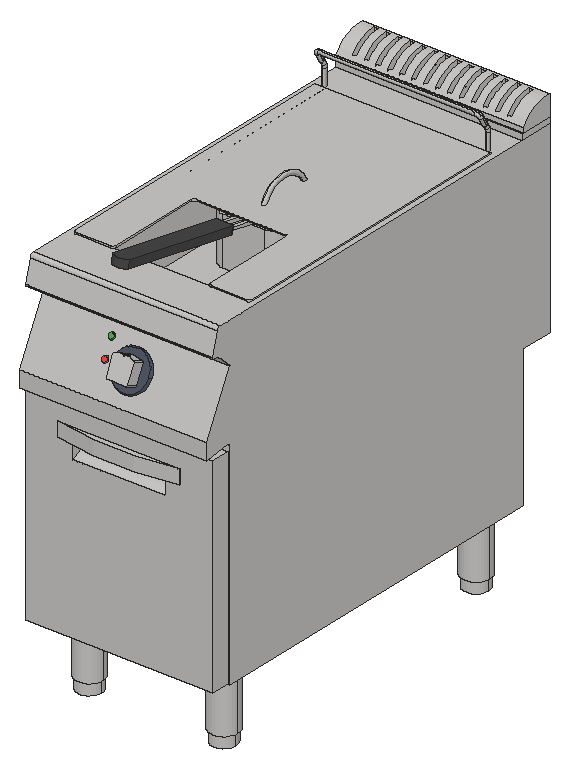
Revit family "QF_ZANUSSI_392087_Z9FRED1GF0", category Specialty Equipment, Revit 2018
Family settings
  Round Connector Dimension = Use Diameter
  Part Type = Normal
  Work Plane-Based = No
  Always vertical = Yes
  Cut with Voids When Loaded = No
  Shared = No
  Room Calculation Point = No
Parameters
  Width = 400 mm  # constant formula
  Weight in Pounds = 50  # constant formula
  Weight = 0.00 kg
  Watts = 10000 W  # constant formula
  Volts = 400 V  # constant formula
  URL Manufacturer = "http://www.zanussiprofessional.com"
  URL Cutsheet = "www.electrolux.com/foodservice"
  URL = "http://www.zanussiprofessional.com"
  Type Mark [instance] = ""
  Steam Supply Size = 0"
  Steam Supply Minimum Pressure = 0.00 psi
  Steam Supply Maximum Pressure = 0.00 psi
  Steam Pounds per Hour = 0
  Status [instance] = ""
  Specification by User [instance] = ""
  Specification by Manufacturer = ""
  Show Logo [instance] = yes
  Show Clearance [instance] = yes
  Serial Number = ""
  Seismic Rating = ""
  SMACNA No = ""
  Revision Code [instance] = ""
  Refrigeration Suction Line Size = 0"
  Refrigeration Liquid Line Size = 0"
  Refrigerant Compressor Remote = yes
  Phase = 3
  Omniclass Number and Title = ""
  Number of Poles [instance] = 1
  NAFEM Spec ID Number = ""
  Model = "Z9FRED1GF0"
  Min Ckt Ampacity = 0 A
  Max Overcurrent Protection = 0 A
  Masterspec = ""
  Manufacturer = "Zanussi"
  Length Actual = 400 mm  # constant formula
  Item Number [instance] = "392087"
  Installed By [instance] = ""
  Identify Quantity as Lot [instance] = yes
  Hot Water Size = 0"
  Height Actual = 850 mm  # constant formula
  Height = 850 mm  # constant formula
  HP = "13.4 HP"
  Gas Size = 0"
  Gas KW = 0
  Gas Input = 0.0 Btu/h
  Furnished By [instance] = ""
  Foodservice Equipment Identifier [instance] = yes
  FL Amps = if(Phase = 3, Watts / (Volts * 1.73), Watts / Volts)  # 14.4509 A
  Electrical Remarks [instance] = "400 V/3N ph/50/60 Hz"  # constant formula
  Electric Connection Type [instance] = ""
  Elec Conn RI Height [instance] = 0 mm
  Elec Conn Connection Height [instance] = 0 mm
  Direct Waste Size = 0"
  Description = "15LT EL.FRYER-1 WELL+1 BASKET"
  Depth Actual = 900 mm  # constant formula
  Depth = 915 mm  # constant formula
  Cycle [instance] = if([60 Hertz Option], 60 Hz, 50 Hz)  # 60 Hz
  Conn Plug = ""
  Conn Conduit = yes
  Condensate Return Size = 0"
  Compressed Air Volume = 0 GPM
  Compressed Air Size = 0"
  Compressed Air Pressure = 0.00 psi
  Cold Water Size = 0"
  CSI MasterFormat = ""
  CSI Master Format = ""
  Base Height [instance] = 150 mm  # constant formula
  Apparent Power = if(Phase = 3, Volts * FL Amps * 1.73, Volts * FL Amps)  # 10000 VA
  Accessory = yes
  60 Hertz Option [instance] = not([50 Hertz Option])  # yes
  50 Hertz Option [instance] = no
Reference planes
  plane 1 "BACK": y = 0
  plane 2: z = 0
  plane 3 "LEFT": x = 0
  plane 4 "RIGHT": x = 400
  plane 5 "FRONT": y = -915
  plane 6 "TOP": z = 908
  plane 7 "Center Y": x = 200
  plane 8 "Center X": y = -457.5
  plane 9 "BASE": z = 600
  plane 10 "TOP A": z = 850
  plane 11: z = 150
  plane 12: y = -126
  plane 13: y = -800
  plane 14: x = 344
  plane 15: x = 56
  plane 16: x = 344
  plane 17: y = -650
  plane 18: z = 920
  plane 19: z = 930
  plane 20: y = -1273
  plane 21: x = 355
  plane 22: y = -1455
Forms (mm)
  Extrusion 1, solid, material "QF_Finishes_Stainless Steel"
    sketch origin (0, 0, 0) x (0, 1, 0) y (0, 0, 1)
      loop
        line (0, 450.038) -> (0, 850) -> (-879.358, 850)
        arc (-879.358, 850) -> (-884.643, 847.811) -> (-886.833, 842.526) r 7.474
        line (-886.833, 842.526) -> (-899.884, 797.011)
        arc (-899.884, 797.011) -> (-899.396, 794.379) -> (-897, 793.184) r 3
        line (-897, 793.184) -> (-886.802, 793.184) -> (-854.982, 761.364) -> (-915, 640.508) -> (-915, 605.508) -> (-858.645, 613.428)
        arc (-858.645, 613.428) -> (-856.101, 612.674) -> (-855, 610.259) r 3.2
        line (-855, 610.259) -> (-855, 150) -> (-71.437, 150) -> (-71.437, 450.038) -> (0, 450.038)
      loop
        line (-900, 600) -> (-900, 155) -> (-860, 155) -> (-860, 600) -> (-900, 600)
    from 0 to 400
  Extrusion 2, void
    sketch origin (0, 0, 850) x (-1, 0, 0) y (0, -1, 0)
      loop
        line (-33.338, 141.304) -> (-33.338, 787.143) -> (-366.662, 787.143) -> (-366.662, 141.304) -> (-33.338, 141.304)
    from 0 to -152.4
  Extrusion 3, solid, material "QF_Finishes_Stainless Steel"
    sketch origin (0, 0, 850) x (-1, 0, 0) y (0, -1, 0)
      loop
        arc (-11.548, 780.793) -> (-13.408, 785.283) -> (-17.898, 787.143) r 6.35
        line (-17.898, 787.143) -> (-90.863, 787.143)
        arc (-90.863, 787.143) -> (-95.353, 785.283) -> (-97.213, 780.793) r 6.35
        line (-97.213, 780.793) -> (-97.213, 579.046)
        arc (-97.213, 579.046) -> (-99.072, 574.555) -> (-103.563, 572.696) r 6.35
        line (-103.563, 572.696) -> (-293.937, 572.696)
        arc (-293.937, 572.696) -> (-298.428, 574.555) -> (-300.287, 579.046) r 6.35
        line (-300.287, 579.046) -> (-300.287, 780.818)
        arc (-300.287, 780.818) -> (-302.14, 785.291) -> (-306.613, 787.143) r 6.325
        line (-306.613, 787.143) -> (-382.102, 787.143)
        arc (-382.102, 787.143) -> (-386.592, 785.283) -> (-388.452, 780.793) r 6.35
        line (-388.452, 780.793) -> (-388.452, 141.304) -> (-11.548, 141.304) -> (-11.548, 780.793)
    from 0 to 2.574
  Sweep 4, solid, material "QF_Finishes_Stainless Steel"
    path origin (200, 10.469, 0) x (0, 1, 0) y (0, 0, 1)
      loop
        arc (-415.761, 850) -> (-470.2, 883.779) -> (-524.639, 850) r 60.757
    profile origin (200, -459.731, 883.779) x (0, 0, -1) y (1, 0, 0)
      loop
        circle (0, 0) r 4.353
  Extrusion 5, solid, material "QF_Clearances", visible <- "Show Clearance", detail levels coarse
    sketch origin (0, 0, 0) x (1, 0, 0) y (0, 1, 0)
      loop
        line (0, -915) -> (0, 0) -> (400, 0) -> (400, -915) -> (550.019, -915) -> (550.019, 150.019) -> (-150.019, 150.019) -> (-150.019, -915) -> (0, -915)
    from 0 to 908
  Revolve 6, solid, material "QF_Finishes_Stainless Steel"
    sketch origin (0, -126, 608.09) x (0, 0, 1) y (-1, 0, 0)
      loop
        line (-608.09, -56) -> (-458.09, -56) -> (-458.09, -26) -> (-583.09, -26) -> (-583.09, -29.75) -> (-608.09, -29.75) -> (-608.09, -56)
      axis (-608.09, -56) -> (-458.09, -56)
    angle from 0 to 360
  Revolve 7, solid, material "QF_Finishes_Stainless Steel"
    sketch origin (400.05, -126, 608.09) x (0, 0, 1) y (-1, 0, 0)
      loop
        line (-608.09, 56.05) -> (-608.09, 29.8) -> (-583.09, 29.8) -> (-583.09, 26.05) -> (-458.09, 26.05) -> (-458.09, 56.05) -> (-608.09, 56.05)
      axis (-608.09, 56.05) -> (-458.09, 56.05)
    angle from 0 to 360
  Revolve 8, solid, material "QF_Finishes_Stainless Steel"
    sketch origin (400.05, -800, 608.09) x (0, 0, 1) y (-1, 0, 0)
      loop
        line (-608.09, 56.05) -> (-608.09, 29.8) -> (-583.09, 29.8) -> (-583.09, 26.05) -> (-458.09, 26.05) -> (-458.09, 56.05) -> (-608.09, 56.05)
      axis (-608.09, 56.05) -> (-458.09, 56.05)
    angle from 0 to 360
  Extrusion 9, solid, material "QF_Finishes_Stainless Steel"
    sketch origin (200, 0, 0) x (0, 1, 0) y (0, 0, 1)
      loop
        line (-71.89, 862.9) -> (-71.89, 850) -> (0, 850) -> (0, 862.9) -> (-71.89, 862.9)
    from -200 to 200
  Revolve 10, solid, material "QF_Finishes_Stainless Steel"
    sketch origin (0, -800, 608.09) x (0, 0, 1) y (1, 0, 0)
      loop
        line (-608.09, 56) -> (-608.09, 29.75) -> (-583.09, 29.75) -> (-583.09, 26) -> (-458.09, 26) -> (-458.09, 56) -> (-608.09, 56)
      axis (-608.09, 56) -> (-458.09, 56)
    angle from 0 to 360
  Extrusion 11, solid, material "QF_Finishes_Mesh"
    sketch origin (74.995, -64.779, 844.25) x (-1, 0, 0) y (0, -1, 0)
      loop
        arc (-76.6, 120.481) -> (-58.64, 127.92) -> (-51.2, 145.881) r 25.4
        line (-51.2, 145.881) -> (-51.2, 473.61)
        arc (-51.2, 473.61) -> (-58.64, 491.571) -> (-76.6, 499.01) r 25.4
        line (-76.6, 499.01) -> (-166.875, 499.01)
        arc (-166.875, 499.01) -> (-184.836, 491.571) -> (-192.275, 473.61) r 25.4
        line (-192.275, 473.61) -> (-192.275, 145.881)
        arc (-192.275, 145.881) -> (-184.836, 127.92) -> (-166.875, 120.481) r 25.4
        line (-166.875, 120.481) -> (-76.6, 120.481)
      loop
        arc (-76.6, 123.656) -> (-60.885, 130.165) -> (-54.375, 145.881) r 22.225
        line (-54.375, 145.881) -> (-54.375, 473.61)
        arc (-54.375, 473.61) -> (-60.885, 489.326) -> (-76.6, 495.835) r 22.225
        line (-76.6, 495.835) -> (-166.875, 495.835)
        arc (-166.875, 495.835) -> (-182.591, 489.326) -> (-189.1, 473.61) r 22.225
        line (-189.1, 473.61) -> (-189.1, 145.881)
        arc (-189.1, 145.881) -> (-182.591, 130.165) -> (-166.875, 123.656) r 22.225
        line (-166.875, 123.656) -> (-76.6, 123.656)
    from -109 to -5.315
  Extrusion 12, solid, material "QF_Finishes_Stainless Steel"
    sketch origin (0, 0, 574.263) x (0, 1, 0) y (0, 0, 1)
      loop
        line (0, 288.637) -> (0, 333.738)
        arc (0, 333.738) -> (-39.584, 325.765) -> (-69.85, 299.037) r 77.853
        line (-69.85, 299.037) -> (-69.85, 288.637) -> (0, 288.637)
    from 0 to 400
  Extrusion 13, void
    sketch origin (0, 0, 848.9) x (0, -1, 0) y (1, 0, 0)
      loop
        line (6.761, 29.703) -> (63.911, 29.703) -> (63.911, 38.999) -> (6.761, 38.999) -> (6.761, 29.703)
      loop
        line (63.911, 64.487) -> (6.761, 64.487) -> (6.761, 55.191) -> (63.911, 55.191) -> (63.911, 64.487)
      loop
        line (63.911, 89.975) -> (6.761, 89.975) -> (6.761, 80.68) -> (63.911, 80.68) -> (63.911, 89.975)
      loop
        line (63.911, 115.464) -> (6.761, 115.464) -> (6.761, 106.168) -> (63.911, 106.168) -> (63.911, 115.464)
      loop
        line (63.911, 140.952) -> (6.761, 140.952) -> (6.761, 131.656) -> (63.911, 131.656) -> (63.911, 140.952)
      loop
        line (63.911, 166.44) -> (6.761, 166.44) -> (6.761, 157.145) -> (63.911, 157.145) -> (63.911, 166.44)
      loop
        line (63.911, 191.929) -> (6.761, 191.929) -> (6.761, 182.633) -> (63.911, 182.633) -> (63.911, 191.929)
      loop
        line (63.911, 217.417) -> (6.761, 217.417) -> (6.761, 208.121) -> (63.911, 208.121) -> (63.911, 217.417)
      loop
        line (63.911, 242.905) -> (6.761, 242.905) -> (6.761, 233.61) -> (63.911, 233.61) -> (63.911, 242.905)
      loop
        line (63.911, 268.394) -> (6.761, 268.394) -> (6.761, 259.098) -> (63.911, 259.098) -> (63.911, 268.394)
      loop
        line (63.911, 293.882) -> (6.761, 293.882) -> (6.761, 284.586) -> (63.911, 284.586) -> (63.911, 293.882)
      loop
        line (63.911, 319.37) -> (6.761, 319.37) -> (6.761, 310.075) -> (63.911, 310.075) -> (63.911, 319.37)
      loop
        line (63.911, 344.859) -> (6.761, 344.859) -> (6.761, 335.563) -> (63.911, 335.563) -> (63.911, 344.859)
      loop
        line (63.911, 370.347) -> (6.761, 370.347) -> (6.761, 361.051) -> (63.911, 361.051) -> (63.911, 370.347)
    from 25.4 to 63.5
  Sweep 14, solid, material "QF_Finishes_Stainless Steel"
    path origin (0, 0, 0) x (0, 1, 0) y (0, 0, 1)
      loop
        line (-133.218, 850) -> (-133.218, 886.76)
        arc (-133.218, 886.76) -> (-133.779, 891.022) -> (-135.424, 894.993) r 16.466
        line (-135.424, 894.993) -> (-140.718, 904.162)
    profile origin (0, -133.218, 868.38) x (0, -1, 0) y (1, 0, 0)
      loop
        circle (0.001, 25.269) r 3.999
      loop
        circle (0.001, 374.731) r 3.999
  Sweep 15, solid, material "QF_Finishes_Stainless Steel"
    path origin (0, -68.628, 777.297) x (-1, 0, 0) y (0, -0.5, 0.866025)
      loop
        line (-374.731, 144.182) -> (-374.731, 165.819)
        arc (-374.731, 165.819) -> (-372.68, 170.768) -> (-367.731, 172.819) r 7
        line (-367.731, 172.819) -> (-32.269, 172.819)
        arc (-32.269, 172.819) -> (-27.32, 170.768) -> (-25.269, 165.819) r 7
        line (-25.269, 165.819) -> (-25.269, 144.182)
    profile origin (374.731, -146.128, 911.531) x (1, 0, 0) y (0, 0.866025, 0.5)
      loop
        circle (0, 0) r 4
  Extrusion 16, solid, material "QF_Finishes_Stainless Steel"
    sketch origin (0, 65, 150) x (-1, 0, 0) y (0, 1, 0)
      loop
        circle (-355, -715) r 6.35
    from -42.288 to -11.979
  Extrusion 17, solid, material "QF_Clearances", visible <- "Show Clearance", detail levels coarse
    sketch origin (0, 0, 850) x (-1, 0, 0) y (0, -1, 0)
      loop
        line (-80, 885) -> (-80, 1455) -> (-320, 1455) -> (-320, 885) -> (-80, 885)
    from -695 to -250
  Extrusion 18, solid, material "QF_Finishes_Door Clearance", visible <- "Show Clearance", detail levels coarse
    sketch origin (0, -200, 850) x (-1, 0, 0) y (0, -1, 0)
      loop
        line (-400, 1071.999) -> (-400, 672.137) -> (-0.138, 672.137)
        arc (-0.138, 672.137) -> (-117.295, 954.842) -> (-400, 1071.999) r 400
    from -695 to -250
  Extrusion 19, solid, material "QF_Finishes_Stainless Steel"
    sketch origin (-77.88, -4772, 130) x (-1, 0, 0) y (0, -1, 0)
      loop
        arc (-147.606, -3871.085) -> (-277.88, -3857) -> (-408.153, -3871.085) r 609.497
        line (-408.153, -3871.085) -> (-408.153, -3872) -> (-147.606, -3872) -> (-147.606, -3871.085)
    from 400 to 430
  Extrusion 20, void
    sketch origin (200, -227.863, -20) x (0, 1, 0) y (0, 0, 1)
      loop
        line (-672.137, 567) -> (-672.137, 517)
        arc (-672.137, 517) -> (-656.47, 524.721) -> (-650.137, 541) r 24.091
        line (-650.137, 541) -> (-650.137, 567) -> (-672.137, 567)
    from -100 to 100
  Blend 21, solid, material "QF_Finishes_Navy Blue"
    base sketch origin (215, -884.991, 700.936) x (1, 0, 0) y (0, 0.444781, 0.895639)
      loop
        circle (0, 0) r 42.5
    top sketch origin (215, -884.991, 700.936) x (1, 0, 0) y (0, 0.444781, 0.895639)
      loop
        circle (0, 0) r 40.5
    from 0 to 5
  Extrusion 22, solid, material "QF_Finishes_Stainless Steel"
    sketch origin (-17.5, -884.991, 700.936) x (1, 0, 0) y (0, 0.444781, 0.895639)
      loop
        arc (211.353, 22.789) -> (210.006, 21.685) -> (209.5, 20.019) r 2.997
        line (209.5, 20.019) -> (209.5, -20.019)
        arc (209.5, -20.019) -> (210.378, -22.138) -> (212.497, -23.016) r 2.997
        line (212.497, -23.016) -> (252.503, -23.016)
        arc (252.503, -23.016) -> (254.622, -22.138) -> (255.5, -20.019) r 2.997
        line (255.5, -20.019) -> (255.5, 20.019)
        arc (255.5, 20.019) -> (254.994, 21.685) -> (253.647, 22.789) r 2.997
        arc (253.647, 22.789) -> (232.5, 26.984) -> (211.353, 22.789) r 55.4
    from 10 to 34
  Extrusion 23, solid, material "QF_Plastic-Black-Matte"
    sketch origin (157.5, -884.991, 700.936) x (0, 0.444781, 0.895639) y (0, 0.895639, -0.444781)
      loop
        line (26.984, -34) -> (23.984, -34) -> (23.984, -35) -> (26.984, -35)
        arc (26.984, -35) -> (27.691, -34.707) -> (27.984, -34) r 1
        line (27.984, -34) -> (27.984, -19) -> (26.984, -19) -> (26.984, -34)
    from -58.5 to -56.5
  Extrusion 24, solid, material "QF_Finishes_Stainless Steel"
    sketch origin (215, -884.991, 700.936) x (-1, 0, 0) y (0, -0.444781, -0.895639)
      loop
        line (17.5, -17.5) -> (17.5, 17.5) -> (-17.5, 17.5) -> (-17.5, -17.5) -> (17.5, -17.5)
    from 5 to 10
  Extrusion 25, solid, material "QF_Finishes_Green"
    sketch origin (-242.5, -1029.045, 410.86) x (0, 0.444781, 0.895639) y (-1, 0, 0)
      loop
        circle (366.376, -400) r 6
    from 0 to 1.6
  Extrusion 26, solid, material "QF_Finishes_Red"
    sketch origin (-242.5, -1047.155, 374.393) x (0, 0.444781, 0.895639) y (-1, 0, 0)
      loop
        circle (366.376, -400) r 6
    from 0 to 1.6
  Extrusion 27, solid, material "QF_Finishes_Stainless Steel"
    sketch origin (265.933, 109.885, 107.43) x (0, 0.984808, 0.173648) y (0, -0.173648, 0.984808)
      loop
        line (-545.228, 740.809) -> (-527.301, 842.477) -> (-586.235, 865.45) -> (-588.541, 859.533) -> (-534.459, 838.452) -> (-551.481, 741.912) -> (-545.228, 740.809)
    from -80.476 to -74.619
  Extrusion 28, solid, material "QF_Finishes_Stainless Steel"
    sketch origin (134.058, 109.885, 107.43) x (0, 0.984808, 0.173648) y (0, 0.173648, -0.984808)
      loop
        line (-527.301, -842.477) -> (-545.228, -740.809) -> (-551.481, -741.912) -> (-534.459, -838.452) -> (-588.541, -859.533) -> (-586.235, -865.45) -> (-527.301, -842.477)
    from -80.476 to -74.619
  Extrusion 29, solid, material "QF_Finishes_Black"
    sketch origin (134.004, -830.695, 905.392) x (0, 0.980628, -0.195878) y (-1, 0, 0)
      loop
        arc (-64.349, -47.345) -> (-74.576, -65.962) -> (-64.349, -84.58) r 22.059
        line (-64.349, -84.58) -> (214.638, -84.58)
        arc (214.638, -84.58) -> (217.113, -83.554) -> (218.138, -81.08) r 3.5
        line (218.138, -81.08) -> (218.138, -50.854)
        arc (218.138, -50.854) -> (217.11, -48.372) -> (214.629, -47.345) r 3.509
        line (214.629, -47.345) -> (-64.349, -47.345)
    from -15.884 to 0
Cuts and joins
  Extrusion 2, Extrusion 20 cuts Extrusion 1
  joined: Extrusion 3, Sweep 4, Extrusion 9
  Extrusion 13 cuts Extrusion 12
Lines and regions (mm)
  Split face 1
    outline origin (215, -889.469, 703.16) x (1, 0, 0) y (0, 0.444781, 0.895639)
      loop
        circle (0, 33) r 1
  Split face 2
    outline origin (215, -889.469, 703.16) x (1, 0, 0) y (0, 0.444781, 0.895639)
      loop
        circle (-33, 0) r 1
  Split face 3
    outline origin (215, -889.469, 703.16) x (-1, 0, 0) y (0, 0.444781, 0.895639)
      loop
        circle (31.876, -8.541) r 1
  Split face 4
    outline origin (215, -889.469, 703.16) x (-1, 0, 0) y (0, 0.444781, 0.895639)
      loop
        circle (28.579, -16.5) r 1
  Split face 5
    outline origin (215, -889.469, 703.16) x (-1, 0, 0) y (0, 0.444781, 0.895639)
      loop
        circle (23.335, -23.335) r 1
  Split face 6
    outline origin (215, -889.469, 703.16) x (-1, 0, 0) y (0, 0.444781, 0.895639)
      loop
        circle (16.5, -28.579) r 1
  Split face 7
    outline origin (215, -889.469, 703.16) x (-1, 0, 0) y (0, 0.444781, 0.895639)
      loop
        circle (8.541, -31.876) r 1
  Split face 8
    outline origin (215, -889.469, 703.16) x (1, 0, 0) y (0, -0.444781, -0.895639)
      loop
        circle (33, 0) r 1
  Split face 9
    outline origin (215, -889.469, 703.16) x (-1, 0, 0) y (0, -0.444781, -0.895639)
      loop
        circle (-8.541, 31.876) r 1
  Split face 10
    outline origin (215, -889.469, 703.16) x (-1, 0, 0) y (0, -0.444781, -0.895639)
      loop
        circle (-16.5, 28.579) r 1
  Split face 11
    outline origin (215, -889.469, 703.16) x (-1, 0, 0) y (0, -0.444781, -0.895639)
      loop
        circle (-23.335, 23.335) r 1
  Split face 12
    outline origin (215, -889.469, 703.16) x (-1, 0, 0) y (0, -0.444781, -0.895639)
      loop
        circle (-28.579, 16.5) r 1
  Split face 13
    outline origin (215, -889.469, 703.16) x (-1, 0, 0) y (0, -0.444781, -0.895639)
      loop
        circle (-31.876, 8.541) r 1
  Split face 14
    outline origin (215, -889.469, 703.16) x (1, 0, 0) y (0, 0.444781, 0.895639)
      loop
        circle (0, -33) r 1
  symbolic lines, style "QF_Clearances", visible <- "Show Clearance", detail levels coarse
    curve 1: line (-150.019, 150.019, 850) -> (-150.019, -915, 850)
    curve 2: line (550.019, 150.019, 850) -> (-150.019, 150.019, 850)
    curve 3: line (550.019, -915, 850) -> (550.019, 150.019, 850)
    curve 111: line (80, -1455, 850) -> (80, -915, 850)
    curve 112: line (80, -1455, 850) -> (320, -1455, 850)
    curve 113: line (320, -1455, 850) -> (320, -915, 850)
  symbolic lines
    curve 4: line (0, -915, 850) -> (0, 0, 850)
    curve 5: line (400, 0, 850) -> (400, -915, 850)
    curve 6: line (11.548, -141.304, 850) -> (11.548, -780.849, 850)
    curve 7: arc (11.548, -780.849, 850) -> (13.428, -785.386, 850) -> (17.965, -787.265, 850) r 6.416
    curve 8: line (17.965, -787.265, 850) -> (181.378, -787.265, 850)
    curve 9: arc (90.94, -787.265, 850) -> (95.375, -785.428, 850) -> (97.213, -780.993, 850) r 6.272
    curve 10: line (97.213, -780.993, 850) -> (97.213, -579.046, 850)
    curve 11: arc (97.213, -579.046, 850) -> (99.072, -574.555, 850) -> (103.563, -572.696, 850) r 6.35
    curve 12: line (103.563, -572.696, 850) -> (293.938, -572.696, 850)
    curve 13: arc (293.938, -572.696, 850) -> (298.428, -574.555, 850) -> (300.288, -579.046, 850) r 6.35
    curve 14: line (300.288, -579.046, 850) -> (300.288, -780.818, 850)
    curve 15: arc (300.287, -780.818, 850) -> (302.14, -785.291, 850) -> (306.613, -787.143, 850) r 6.325
    curve 16: arc (382.234, -787.143, 850) -> (386.63, -785.322, 850) -> (388.452, -780.925, 850) r 6.218
    curve 17: line (388.452, -780.925, 850) -> (388.452, -141.304, 850)
    curve 18: line (195.545, -513.12, 850) -> (195.545, -406.344, 850)
    curve 19: line (204.443, -406.344, 850) -> (204.443, -513.12, 850)
    curve 20: arc (195.545, -513.12, 850) -> (199.994, -517.569, 850) -> (204.443, -513.12, 850) r 4.449
    curve 21: arc (195.545, -406.344, 850) -> (199.994, -401.895, 850) -> (204.443, -406.344, 850) r 4.449
    curve 22: line (400, -915, 850) -> (238, -915, 850)
    curve 24: line (31.918, -151.038, 850) -> (368.082, -151.038, 850)
    curve 25: line (368.557, -159.052, 850) -> (31.443, -159.052, 850)
    curve 26: line (0, -71.89, 850) -> (400, -71.89, 850)
    curve 27: line (388.452, -141.304, 850) -> (378.73, -141.304, 850)
    curve 28: line (0, 0, 850) -> (400, 0, 850)
    curve 29: line (218.613, -896.863, 850) -> (218.613, -623.275, 850)
    curve 30: line (181.378, -623.284, 850) -> (181.378, -896.954, 850)
    curve 31: line (215.113, -619.894, 850) -> (184.887, -619.894, 850)
    curve 32: line (191.314, -572.696, 850) -> (191.314, -619.894, 850)
    curve 33: line (185.457, -619.894, 850) -> (185.457, -572.696, 850)
    curve 34: line (208.677, -619.894, 850) -> (208.677, -572.696, 850)
    curve 35: spline (184.887, -619.894, 850) -> (184.429, -619.923, 850) -> (183.979, -620.01, 850) -> (183.544, -620.152, 850) -> (183.133, -620.348, 850) -> (182.751, -620.595, 850) -> (182.406, -620.887, 850) -> (182.103, -621.22, 850) -> (181.848, -621.589, 850) -> (181.645, -621.987, 850) -> (181.498, -622.406, 850) -> (181.408, -622.841, 850) -> (181.378, -623.284, 850)
    curve 36: spline (218.613, -623.275, 850) -> (218.583, -622.834, 850) -> (218.494, -622.4, 850) -> (218.346, -621.981, 850) -> (218.144, -621.584, 850) -> (217.89, -621.217, 850) -> (217.588, -620.884, 850) -> (217.244, -620.593, 850) -> (216.863, -620.347, 850) -> (216.452, -620.151, 850) -> (216.019, -620.009, 850) -> (215.57, -619.923, 850) -> (215.113, -619.894, 850)
    curve 37: line (29.703, -6.761, 850) -> (38.999, -6.761, 850)
    curve 38: line (29.703, -63.911, 850) -> (29.703, -6.761, 850)
    curve 39: line (38.999, -63.911, 850) -> (29.703, -63.911, 850)
    curve 40: line (38.999, -6.761, 850) -> (38.999, -63.911, 850)
    curve 41: line (55.191, -6.761, 850) -> (64.487, -6.761, 850)
    curve 42: line (55.191, -63.911, 850) -> (55.191, -6.761, 850)
    curve 43: line (64.487, -63.911, 850) -> (55.191, -63.911, 850)
    curve 44: line (64.487, -6.761, 850) -> (64.487, -63.911, 850)
    curve 45: line (80.68, -6.761, 850) -> (89.975, -6.761, 850)
    curve 46: line (80.68, -63.911, 850) -> (80.68, -6.761, 850)
    curve 47: line (89.975, -63.911, 850) -> (80.68, -63.911, 850)
    curve 48: line (89.975, -6.761, 850) -> (89.975, -63.911, 850)
    curve 49: line (106.168, -6.761, 850) -> (115.464, -6.761, 850)
    curve 50: line (106.168, -63.911, 850) -> (106.168, -6.761, 850)
    curve 51: line (115.464, -63.911, 850) -> (106.168, -63.911, 850)
    curve 52: line (115.464, -6.761, 850) -> (115.464, -63.911, 850)
    curve 53: line (131.656, -6.761, 850) -> (140.952, -6.761, 850)
    curve 54: line (131.656, -63.911, 850) -> (131.656, -6.761, 850)
    curve 55: line (140.952, -63.911, 850) -> (131.656, -63.911, 850)
    curve 56: line (140.952, -6.761, 850) -> (140.952, -63.911, 850)
    curve 57: line (157.145, -6.761, 850) -> (166.44, -6.761, 850)
    curve 58: line (157.145, -63.911, 850) -> (157.145, -6.761, 850)
    curve 59: line (166.44, -63.911, 850) -> (157.145, -63.911, 850)
    curve 60: line (166.44, -6.761, 850) -> (166.44, -63.911, 850)
    curve 61: line (182.633, -6.761, 850) -> (191.929, -6.761, 850)
    curve 62: line (182.633, -63.911, 850) -> (182.633, -6.761, 850)
    curve 63: line (191.929, -63.911, 850) -> (182.633, -63.911, 850)
    curve 64: line (191.929, -6.761, 850) -> (191.929, -63.911, 850)
    curve 65: line (208.121, -6.761, 850) -> (217.417, -6.761, 850)
    curve 66: line (208.121, -63.911, 850) -> (208.121, -6.761, 850)
    curve 67: line (217.417, -63.911, 850) -> (208.121, -63.911, 850)
    curve 68: line (217.417, -6.761, 850) -> (217.417, -63.911, 850)
    curve 69: line (233.61, -6.761, 850) -> (242.905, -6.761, 850)
    curve 70: line (233.61, -63.911, 850) -> (233.61, -6.761, 850)
    curve 71: line (242.905, -63.911, 850) -> (233.61, -63.911, 850)
    curve 72: line (242.905, -6.761, 850) -> (242.905, -63.911, 850)
    curve 73: line (259.098, -6.761, 850) -> (268.394, -6.761, 850)
    curve 74: line (259.098, -63.911, 850) -> (259.098, -6.761, 850)
    curve 75: line (268.394, -63.911, 850) -> (259.098, -63.911, 850)
    curve 76: line (268.394, -6.761, 850) -> (268.394, -63.911, 850)
    curve 77: line (284.586, -6.761, 850) -> (293.882, -6.761, 850)
    curve 78: line (284.586, -63.911, 850) -> (284.586, -6.761, 850)
    curve 79: line (293.882, -63.911, 850) -> (284.586, -63.911, 850)
    curve 80: line (293.882, -6.761, 850) -> (293.882, -63.911, 850)
    curve 81: line (310.075, -6.761, 850) -> (319.37, -6.761, 850)
    curve 82: line (310.075, -63.911, 850) -> (310.075, -6.761, 850)
    curve 83: line (319.37, -63.911, 850) -> (310.075, -63.911, 850)
    curve 84: line (319.37, -6.761, 850) -> (319.37, -63.911, 850)
    curve 85: line (335.563, -6.761, 850) -> (344.859, -6.761, 850)
    curve 86: line (335.563, -63.911, 850) -> (335.563, -6.761, 850)
    curve 87: line (344.859, -63.911, 850) -> (335.563, -63.911, 850)
    curve 88: line (344.859, -6.761, 850) -> (344.859, -63.911, 850)
    curve 89: line (361.051, -6.761, 850) -> (370.347, -6.761, 850)
    curve 90: line (361.051, -63.911, 850) -> (361.051, -6.761, 850)
    curve 91: line (370.347, -63.911, 850) -> (361.051, -63.911, 850)
    curve 92: line (370.347, -6.761, 850) -> (370.347, -63.911, 850)
    curve 93: arc (25.269, -129.22, 850) -> (28.097, -130.391, 850) -> (29.268, -133.219, 850) r 3.999
    curve 94: arc (21.27, -133.219, 850) -> (22.442, -130.391, 850) -> (25.269, -129.22, 850) r 3.999
    curve 95: line (21.27, -133.219, 850) -> (21.27, -151.339, 850)
    curve 96: line (29.268, -133.219, 850) -> (29.268, -150.539, 850)
    curve 97: arc (31.443, -159.052, 850) -> (28.224, -158.628, 850) -> (25.225, -157.386, 850) r 12.435
    curve 98: arc (21.27, -151.339, 850) -> (22.347, -154.952, 850) -> (25.225, -157.386, 850) r 6.6
    curve 99: arc (29.268, -150.539, 850) -> (30.57, -150.912, 850) -> (31.918, -151.038, 850) r 7.291
    curve 100: arc (374.731, -129.22, 850) -> (371.903, -130.391, 850) -> (370.732, -133.219, 850) r 3.999
    curve 101: arc (378.73, -133.219, 850) -> (377.558, -130.391, 850) -> (374.731, -129.22, 850) r 3.999
    curve 102: line (378.73, -133.219, 850) -> (378.73, -151.339, 850)
    curve 103: line (370.732, -133.219, 850) -> (370.732, -150.539, 850)
    curve 104: arc (368.557, -159.052, 850) -> (371.776, -158.628, 850) -> (374.775, -157.386, 850) r 12.435
    curve 105: arc (378.73, -151.339, 850) -> (377.653, -154.952, 850) -> (374.775, -157.386, 850) r 6.6
    curve 106: arc (370.732, -150.539, 850) -> (369.43, -150.912, 850) -> (368.082, -151.038, 850) r 7.291
    curve 107: line (214.534, -572.696, 850) -> (214.534, -619.894, 850)
    curve 108: line (218.613, -787.265, 850) -> (382.234, -787.265, 850)
    curve 109: line (21.27, -141.304, 850) -> (11.548, -141.304, 850)
    curve 110: line (370.732, -141.304, 850) -> (29.268, -141.304, 850)
    curve 115: spline (181.378, -893.843, 850) -> (183.618, -896.718, 850) -> (186.315, -899.186, 850) -> (189.393, -901.18, 850) -> (192.768, -902.642, 850) -> (196.344, -903.532, 850) -> (200.021, -903.826, 850) -> (203.697, -903.514, 850) -> (207.268, -902.607, 850) -> (210.635, -901.128, 850) -> (213.704, -899.119, 850) -> (216.388, -896.637, 850) -> (218.613, -893.751, 850)
    curve 116: spline (218.613, -896.863, 850) -> (216.388, -899.749, 850) -> (213.704, -902.23, 850) -> (210.635, -904.239, 850) -> (207.268, -905.718, 850) -> (203.697, -906.626, 850) -> (200.021, -906.937, 850) -> (196.344, -906.644, 850) -> (192.768, -905.753, 850) -> (189.393, -904.291, 850) -> (186.315, -902.298, 850) -> (183.618, -899.829, 850) -> (181.378, -896.954, 850)
    curve 117: line (238, -900, 0) -> (238, -924.347, 0)
    curve 118: arc (238, -924.347, 0) -> (237.854, -924.811, 0) -> (237.468, -925.107, 0) r 0.809
    curve 119: arc (237.468, -925.107, 0) -> (236.28, -925.587, 0) -> (235.003, -925.68, 0) r 4.127
    curve 120: arc (238, -904.292, 0) -> (243.041, -902.458, 0) -> (247.809, -900, 0) r 42.24
    curve 121: arc (238, -906.539, 0) -> (237.498, -905.818, 0) -> (236.701, -905.448, 0) r 1.682
    curve 122: arc (236.701, -905.448, 0) -> (226.398, -903.95, 0) -> (216, -903.441, 0) r 109.079
    curve 123: line (216, -900, 0) -> (216, -905.671, 0)
    curve 124: line (216, -905.671, 0) -> (214, -905.671, 0)
    curve 125: line (214, -905.671, 0) -> (214, -901.881, 0)
    curve 126: line (192, -905.496, 0) -> (192, -924.347, 0)
    curve 127: arc (192, -924.347, 0) -> (192.146, -924.811, 0) -> (192.532, -925.107, 0) r 0.809
    curve 128: arc (192.532, -925.107, 0) -> (193.72, -925.587, 0) -> (194.997, -925.68, 0) r 4.127
    curve 129: arc (192, -906.539, 0) -> (192.266, -906.06, 0) -> (192.672, -905.693, 0) r 1.682
    curve 130: arc (211.651, -903.469, 0) -> (212.826, -903.448, 0) -> (214, -903.441, 0) r 109.079
    curve 131: line (235.003, -925.68, 0) -> (194.997, -925.68, 0)
    curve 132: arc (186.012, -902.03, 0) -> (184.075, -901.064, 0) -> (182.191, -900, 0) r 42.24
    curve 133: line (192, -915, 850) -> (0, -915, 850)
    curve 134: line (0, -900, 850) -> (183.777, -900, 850)
    curve 135: line (216.154, -900, 850) -> (400, -900, 850)
  symbolic lines, style "QF_Door-Drawer Clearances"
    curve 23: line (53.846, -1072.203, 850) -> (325.76, -915, 850)
    curve 114: arc (2.456, -915, 850) -> (19.937, -996.287, 850) -> (53.846, -1072.203, 850) r 400
Dimensions and locks
  equal spacing: plane 3 "LEFT", plane 7 "Center Y", plane 4 "RIGHT"
  "Width": plane 3 "LEFT" to plane 4 "RIGHT"
  equal spacing: plane 5 "FRONT", plane 8 "Center X", plane 1 "BACK"
  "Depth": plane 5 "FRONT" to plane 1 "BACK"
  plane 1 "BACK" to plane 5 "FRONT" = 915 mm
  locked: plane 10 "TOP A" to plane 9 "BASE" at 250
  plane 6 "TOP" to plane 10 "TOP A" = 58 mm
  "Base Height": plane 11 to level
  plane 1 "BACK" to plane 12 = 126 mm
  plane 12 to plane 13 = 674 mm
  plane 4 "RIGHT" to plane 14 = 56 mm
  plane 16 to plane 15 = 288 mm
  plane 15 to plane 3 "LEFT" = 56 mm
  plane 1 "BACK" to plane 17 = 650 mm
  plane 18 to plane 10 "TOP A" = 70 mm
  plane 10 "TOP A" to plane 19 = 80 mm
  plane 5 "FRONT" to plane 1 "BACK" = 915 mm
  plane 4 "RIGHT" to plane 3 "LEFT" = 400 mm
  plane 5 "FRONT" to plane 20 = 358 mm
  plane 1 "BACK" to curve 2 = 150.019 mm
  plane 4 "RIGHT" to curve 3 = 150.019 mm
  curve 1 to plane 3 "LEFT" = 150.019 mm
  Extrusion 16 sketch curve to plane 1 "BACK" = 650 mm
  Extrusion 16 sketch curve to plane 4 "RIGHT" = 45 mm
  "Height": plane 10 "TOP A" to level
  plane 10 "TOP A" to plane 11 = 700 mm
  plane 10 "TOP A" to plane 11 to level = 700 mm, 150 mm
  plane 21 to plane 4 "RIGHT" = 45 mm
  Extrusion 16 to plane 11 = 11.979 mm
  plane 5 "FRONT" to plane 22 = 540 mm
  Extrusion 16 to plane 1 "BACK" = 650 mm
  aligned and locked: level to plane 2
  aligned and locked: plane 4 "RIGHT" to Extrusion 1
  aligned and locked: plane 6 "TOP" to Extrusion 5
  aligned and locked: plane 13 to Revolve 8
  aligned and locked: plane 12 to Revolve 6
  aligned and locked: plane 12 to Revolve 7
  aligned and locked: plane 4 "RIGHT" to Extrusion 9
  aligned and locked: plane 13 to Revolve 10
  aligned and locked: cut or joined group of Extrusion 1, Extrusion 2, Extrusion 20 to Extrusion 17
Automatic sketch dimensions
  Extrusion 1 sketch curve to plane 5 "FRONT" = 0 mm
  Extrusion 1 sketch curve to plane 9 "BASE" = 0 mm
  Extrusion 1 sketch curve to plane 10 "TOP A" = 0 mm
  Extrusion 1 sketch curve to plane 11 = 0 mm
  Extrusion 1 sketch curve to plane 1 "BACK" = 0 mm
  Extrusion 1 sketch curve to plane 5 "FRONT" = 15 mm
  Extrusion 1 sketch curve to plane 5 "FRONT" = 15.116 mm
  Extrusion 1 sketch curve to Extrusion 1 sketch curve = 2.884 mm
  Extrusion 1 sketch curve to plane 10 "TOP A" = 7.474 mm
  Extrusion 1 sketch curve to plane 5 "FRONT" = 28.167 mm
  Extrusion 1 sketch curve to Extrusion 1 sketch curve = 10.198 mm
  Extrusion 1 sketch curve to Extrusion 1 sketch curve = 40 mm
  plane 9 "BASE" to Extrusion 1 sketch curve = 13.428 mm
  Extrusion 1 sketch curve to Extrusion 1 sketch curve = 1.355 mm
  Extrusion 1 sketch curve to Extrusion 1 sketch curve = 0.445 mm
  Extrusion 1 sketch curve to Extrusion 1 sketch curve = 5 mm
  Extrusion 1 sketch curve to Extrusion 1 sketch curve = 31.82 mm
  Extrusion 1 sketch curve to plane 12 = 54.563 mm
  plane 11 to Extrusion 1 sketch curve = 5 mm
  Extrusion 1 sketch curve to plane 9 "BASE" = 149.962 mm
  plane 9 "BASE" to Extrusion 1 sketch curve = 5.508 mm
  Extrusion 1 sketch curve to Extrusion 1 sketch curve = 35 mm
  Extrusion 1 sketch curve to Extrusion 1 sketch curve = 81.162 mm
  Extrusion 1 sketch curve to Extrusion 1 sketch curve = 49.342 mm
  Extrusion 1 sketch curve to Extrusion 1 sketch curve = 3 mm
  Extrusion 2 sketch curve to plane 21 = 11.663 mm
  Extrusion 2 sketch curve to plane 15 = 22.662 mm
  plane 12 to Extrusion 2 sketch curve = 15.304 mm
  Extrusion 2 sketch curve to plane 13 = 12.857 mm
  Extrusion 3 sketch curve to plane 4 "RIGHT" = 11.548 mm
  Extrusion 3 sketch curve to Extrusion 3 sketch curve = 6.35 mm  (x3)
  Extrusion 3 sketch curve to plane 14 = 37.387 mm
  Extrusion 3 sketch curve to plane 14 = 43.712 mm
  plane 15 to Extrusion 3 sketch curve = 47.563 mm
  Extrusion 3 sketch curve to plane 13 = 19.207 mm  (x2)
  plane 15 to Extrusion 3 sketch curve = 41.213 mm
  plane 3 "LEFT" to Extrusion 3 sketch curve = 17.898 mm
  plane 3 "LEFT" to Extrusion 3 sketch curve = 11.548 mm
  Extrusion 3 sketch curve to plane 17 = 70.954 mm
  plane 12 to Extrusion 3 sketch curve = 15.304 mm
  Sweep 4 sketch curve to plane 10 "TOP A" = 0 mm  (x2)
  Sweep 4 sketch curve to plane 8 "Center X" = 2.231 mm
  Sweep 4 sketch curve to plane 10 "TOP A" = 26.978 mm
  Sweep 4 sketch curve to plane 8 "Center X" = 56.67 mm
  Sweep 4 sketch curve to plane 7 "Center Y" = 0 mm
  Sweep 4 sketch curve to profile plane = 0 mm
  plane 5 "FRONT" to Extrusion 5 sketch curve = 0 mm  (x2)
  plane 1 "BACK" to Extrusion 5 sketch curve = 0 mm
  Extrusion 5 sketch curve to plane 3 "LEFT" = 0 mm
  Extrusion 5 sketch curve to plane 4 "RIGHT" = 0 mm
  Extrusion 5 sketch curve to plane 3 "LEFT" = 150.019 mm
  plane 4 "RIGHT" to Extrusion 5 sketch curve = 150.019 mm
  Extrusion 5 sketch curve to plane 1 "BACK" = 150.019 mm
  Revolve 6 sketch curve to level = 0 mm
  Revolve 6 sketch curve to plane 11 = 0 mm  (x2)
  Revolve 6 sketch curve to plane 15 = 0 mm  (x2)
  level to Revolve 6 sketch curve = 25 mm
  Revolve 6 sketch curve to plane 15 = 26.25 mm
  plane 3 "LEFT" to Revolve 6 sketch curve = 26 mm
  plane 11 to Revolve 6 sketch curve = 20 mm
  Revolve 7 sketch curve to level = 0 mm
  Revolve 7 sketch curve to plane 11 = 0 mm  (x2)
  Revolve 7 sketch curve to plane 14 = 0 mm  (x2)
  level to Revolve 7 sketch curve = 25 mm
  Revolve 7 sketch curve to plane 21 = 15.25 mm
  Revolve 7 sketch curve to plane 21 = 19 mm
  plane 11 to Revolve 7 sketch curve = 20 mm
  Revolve 8 sketch curve to level = 0 mm
  Revolve 8 sketch curve to plane 11 = 0 mm  (x2)
  Revolve 8 sketch curve to plane 14 = 0 mm  (x2)
  level to Revolve 8 sketch curve = 25 mm
  Revolve 8 sketch curve to plane 21 = 15.25 mm
  Revolve 8 sketch curve to plane 21 = 19 mm
  plane 11 to Revolve 8 sketch curve = 20 mm
  Extrusion 9 sketch curve to plane 10 "TOP A" = 0 mm
  Extrusion 9 sketch curve to plane 1 "BACK" = 0 mm
  plane 10 "TOP A" to Extrusion 9 sketch curve = 12.9 mm
  Extrusion 9 sketch curve to plane 12 = 54.11 mm
  Revolve 10 sketch curve to level = 0 mm
  Revolve 10 sketch curve to plane 11 = 0 mm  (x2)
  plane 15 to Revolve 10 sketch curve = 0 mm  (x2)
  level to Revolve 10 sketch curve = 25 mm
  Revolve 10 sketch curve to plane 15 = 26.25 mm
  plane 3 "LEFT" to Revolve 10 sketch curve = 26 mm
  plane 11 to Revolve 10 sketch curve = 20 mm
  Extrusion 11 sketch curve to Extrusion 11 sketch curve = 0 mm  (x8)
  plane 7 "Center Y" to Extrusion 11 sketch curve = 67.271 mm
  Extrusion 11 sketch curve to Extrusion 11 sketch curve = 3.175 mm
  Extrusion 11 sketch curve to Extrusion 11 sketch curve = 22.225 mm  (x3)
  Extrusion 11 sketch curve to plane 7 "Center Y" = 48.404 mm  (x2)
  plane 12 to Extrusion 11 sketch curve = 59.26 mm
  Extrusion 11 sketch curve to plane 8 "Center X" = 80.89 mm
  Extrusion 12 sketch curve to plane 1 "BACK" = 0 mm
  Extrusion 12 sketch curve to plane 6 "TOP" = 0 mm
  plane 1 "BACK" to Extrusion 12 sketch curve = 4.947 mm
  plane 10 "TOP A" to Extrusion 12 sketch curve = 23.3 mm
  plane 1 "BACK" to Extrusion 12 sketch curve = 69.85 mm
  plane 10 "TOP A" to Extrusion 12 sketch curve = 12.9 mm
  plane 1 "BACK" to Extrusion 13 sketch curve = 6.761 mm  (x14)
  plane 7 "Center Y" to Extrusion 13 sketch curve = 17.417 mm
  Extrusion 13 sketch curve to Extrusion 13 sketch curve = 57.15 mm
  Extrusion 13 sketch curve to plane 7 "Center Y" = 8.071 mm
  Extrusion 13 sketch curve to Extrusion 13 sketch curve = 0 mm  (x13)
  plane 14 to Extrusion 13 sketch curve = 0.859 mm
  Extrusion 13 sketch curve to Extrusion 13 sketch curve = 9.296 mm  (x11)
  Extrusion 13 sketch curve to Extrusion 13 sketch curve = 16.193 mm  (x9)
  plane 15 to Extrusion 13 sketch curve = 8.487 mm
  Extrusion 13 sketch curve to plane 15 = 0.809 mm
  plane 7 "Center Y" to Extrusion 13 sketch curve = 8.121 mm
  Extrusion 13 sketch curve to plane 14 = 8.437 mm
  Extrusion 13 sketch curve to plane 21 = 6.051 mm
  Sweep 14 sketch curve to plane 10 "TOP A" = 0 mm
  plane 12 to Sweep 14 sketch curve = 23.684 mm
  plane 12 to Sweep 14 sketch curve = 9.424 mm
  plane 12 to Sweep 14 sketch curve = 7.218 mm
  Sweep 14 sketch curve to plane 6 "TOP" = 21.24 mm
  Sweep 14 sketch curve to plane 6 "TOP" = 3.838 mm
  Sweep 14 sketch curve to Sweep 14 sketch curve = 5.294 mm
  Sweep 14 sketch curve to Sweep 14 sketch curve = 0 mm  (x4)
  Sweep 14 sketch curve to profile plane = 0.001 mm  (x2)
  plane 3 "LEFT" to Sweep 14 sketch curve = 25.269 mm
  Sweep 14 sketch curve to Sweep 14 sketch curve = 349.461 mm
  profile plane to Sweep 14 sketch curve = 3.998 mm  (x2)
  Sweep 15 sketch curve to plane 21 = 19.731 mm
  Sweep 15 sketch curve to Sweep 15 sketch curve = 7 mm  (x2)
  Sweep 15 sketch curve to plane 15 = 23.731 mm
  Sweep 15 sketch curve to Sweep 15 sketch curve = 21.637 mm  (x2)
  Sweep 15 sketch curve to profile plane = 0 mm  (x2)
  Extrusion 17 sketch curve to plane 22 = 0 mm
  Extrusion 17 sketch curve to plane 14 = 24 mm
  plane 15 to Extrusion 17 sketch curve = 24 mm
  Extrusion 17 sketch curve to plane 5 "FRONT" = 30 mm
  Extrusion 18 sketch curve to plane 4 "RIGHT" = 0 mm
  plane 4 "RIGHT" to Extrusion 18 sketch curve = 0.138 mm
  plane 3 "LEFT" to Extrusion 18 sketch curve = 0.138 mm
  Extrusion 18 sketch curve to plane 5 "FRONT" = 43.001 mm
  Extrusion 18 sketch curve to Extrusion 18 sketch curve = 0.138 mm
  Extrusion 19 sketch curve to plane 7 "Center Y" = 0 mm
  Extrusion 19 sketch curve to plane 14 = 13.727 mm
  plane 15 to Extrusion 19 sketch curve = 13.727 mm
  plane 8 "Center X" to Extrusion 19 sketch curve = 151.997 mm
  Extrusion 19 sketch curve to plane 5 "FRONT" = 15 mm
  Extrusion 19 sketch curve to Extrusion 19 sketch curve = 0.915 mm
  Extrusion 20 sketch curve to plane 5 "FRONT" = 12.909 mm
  Extrusion 20 sketch curve to plane 5 "FRONT" = 15 mm
  Extrusion 20 sketch curve to Extrusion 20 sketch curve = 22 mm
  Extrusion 20 sketch curve to plane 9 "BASE" = 103 mm
  Extrusion 20 sketch curve to Extrusion 20 sketch curve = 26 mm
  plane 7 "Center Y" to Blend 21 sketch curve = 15 mm  (x2)
  Extrusion 22 sketch curve to plane 7 "Center Y" = 8 mm
  Extrusion 22 sketch curve to Extrusion 22 sketch curve = 2.997 mm  (x3)
  plane 7 "Center Y" to Extrusion 22 sketch curve = 15 mm
  Extrusion 22 sketch curve to Extrusion 22 sketch curve = 20.003 mm
  plane 7 "Center Y" to Extrusion 22 sketch curve = 35.003 mm
  Extrusion 22 sketch curve to Extrusion 22 sketch curve = 5.399 mm
  Extrusion 22 sketch curve to Extrusion 22 sketch curve = 40.037 mm
  Extrusion 22 sketch curve to Extrusion 22 sketch curve = 0 mm  (x2)
  Extrusion 23 sketch curve to plane 5 "FRONT" = 9.329 mm
  Extrusion 23 sketch curve to plane 10 "TOP A" = 112.016 mm
  Extrusion 23 sketch curve to Extrusion 23 sketch curve = 3 mm
  Extrusion 23 sketch curve to Extrusion 23 sketch curve = 0 mm
  Extrusion 23 sketch curve to Extrusion 23 sketch curve = 1 mm  (x2)
  Extrusion 23 sketch curve to Extrusion 23 sketch curve = 15 mm
  plane 7 "Center Y" to Extrusion 24 sketch curve = 32.5 mm
  Extrusion 24 sketch curve to plane 7 "Center Y" = 2.5 mm
  Extrusion 24 sketch curve to Extrusion 24 sketch curve = 35 mm
  Extrusion 25 sketch curve to plane 7 "Center Y" = 42.5 mm
  Extrusion 26 sketch curve to plane 7 "Center Y" = 42.5 mm
  plane 10 "TOP A" to Extrusion 27 sketch curve = 1.705 mm
  Extrusion 27 sketch curve to plane 8 "Center X" = 161.472 mm
  Extrusion 27 sketch curve to Extrusion 27 sketch curve = 2.306 mm
  Extrusion 27 sketch curve to Extrusion 27 sketch curve = 37.06 mm
  Extrusion 27 sketch curve to Extrusion 27 sketch curve = 6.254 mm
  Extrusion 27 sketch curve to Extrusion 27 sketch curve = 54.083 mm
  Extrusion 27 sketch curve to Extrusion 27 sketch curve = 7.158 mm
  Extrusion 27 sketch curve to Extrusion 27 sketch curve = 17.056 mm
  plane 10 "TOP A" to Extrusion 28 sketch curve = 1.705 mm
  Extrusion 28 sketch curve to plane 8 "Center X" = 161.472 mm
  Extrusion 28 sketch curve to Extrusion 28 sketch curve = 2.306 mm
  Extrusion 28 sketch curve to Extrusion 28 sketch curve = 37.06 mm
  Extrusion 28 sketch curve to Extrusion 28 sketch curve = 6.254 mm
  Extrusion 28 sketch curve to Extrusion 28 sketch curve = 54.083 mm
  Extrusion 28 sketch curve to Extrusion 28 sketch curve = 7.158 mm
  Extrusion 28 sketch curve to Extrusion 28 sketch curve = 5.916 mm
  Extrusion 29 sketch curve to plane 7 "Center Y" = 18.652 mm
  plane 7 "Center Y" to Extrusion 29 sketch curve = 18.583 mm
  Extrusion 29 sketch curve to Extrusion 29 sketch curve = 0 mm
  Extrusion 29 sketch curve to Extrusion 29 sketch curve = 11.832 mm
  Extrusion 29 sketch curve to plane 7 "Center Y" = 15.142 mm
  Extrusion 29 sketch curve to Extrusion 29 sketch curve = 267.145 mm
  Extrusion 29 sketch curve to Extrusion 29 sketch curve = 3.5 mm
  curve 126 to plane 7 "Center Y" = 8 mm
  curve 126 to curve 127 = 0.809 mm
  curve 129 to curve 129 = 1.583 mm
  curve 127 to curve 128 = 1.846 mm
  curve 127 to curve 131 = 2.189 mm
  plane 7 "Center Y" to curve 132 = 3.892 mm
  plane 7 "Center Y" to curve 125 = 14 mm
  plane 7 "Center Y" to curve 130 = 14.131 mm
  curve 130 to curve 122 = 1.738 mm
  curve 124 to curve 123 = 2 mm
  curve 132 to curve 120 = 22.215 mm
  curve 123 to curve 131 = 19.003 mm
  curve 119 to curve 119 = 0.343 mm
  curve 119 to curve 121 = 1.071 mm
  curve 119 to curve 118 = 2.189 mm
  curve 118 to curve 117 = 0.809 mm
  plane 5 "FRONT" to curve 122 = 97.519 mm
  curve 130 to curve 122 = 0 mm
  plane 5 "FRONT" to curve 131 = 10.68 mm
  curve 119 to curve 118 = 1.333 mm
  curve 128 to curve 127 = 1.333 mm
  curve 118 to curve 119 = 2.779 mm
  curve 127 to curve 128 = 2.779 mm
  curve 121 to plane 5 "FRONT" = 7.894 mm
  curve 129 to plane 5 "FRONT" = 7.894 mm
  curve 123 to plane 5 "FRONT" = 9.329 mm
  curve 123 to curve 120 = 41.91 mm
  curve 132 to curve 120 = 0 mm
  curve 132 to curve 126 = 5.988 mm
  curve 132 to curve 132 = 3.821 mm
  curve 126 to curve 129 = 0.672 mm
  curve 130 to curve 130 = 2.349 mm
  curve 121 to curve 121 = 0.284 mm
  curve 117 to curve 120 = 9.809 mm
  curve 121 to curve 121 = 0.567 mm
  curve 129 to curve 129 = 0.567 mm
  curve 129 to curve 126 = 0.197 mm
  curve 122 to curve 120 = 1.156 mm
  curve 124 to curve 130 = 2.202 mm
  curve 126 to curve 132 = 3.466 mm
  curve 130 to curve 125 = 1.56 mm
  curve 125 to curve 123 = 1.881 mm
  curve 120 to curve 117 = 4.292 mm
  curve 93 to curve 94 = 0 mm
  curve 100 to curve 101 = 0 mm
  curve 135 to plane 4 "RIGHT" = 0 mm
  plane 5 "FRONT" to curve 23 = 0 mm
  curve 113 to plane 22 = 0 mm
  plane 5 "FRONT" to curve 133 = 0 mm
  plane 1 "BACK" to curve 28 = 0 mm
  curve 134 to plane 3 "LEFT" = 0 mm
  plane 5 "FRONT" to curve 1 = 0 mm
  plane 5 "FRONT" to curve 3 = 0 mm
  plane 4 "RIGHT" to curve 114 = 0.138 mm
  curve 27 to plane 4 "RIGHT" = 11.548 mm
  curve 16 to curve 16 = 6.218 mm
  curve 17 to curve 102 = 9.722 mm
  curve 101 to curve 101 = 3.999 mm
  curve 105 to curve 103 = 1.398 mm
  curve 92 to plane 21 = 15.347 mm
  curve 103 to curve 104 = 2.174 mm
  curve 103 to curve 24 = 2.65 mm
  curve 91 to plane 21 = 6.051 mm
  plane 14 to curve 88 = 0.859 mm
  curve 86 to plane 14 = 8.437 mm
  curve 113 to plane 14 = 24 mm
  plane 1 "BACK" to curve 84 = 6.761 mm
  curve 85 to curve 84 = 16.193 mm
  curve 83 to curve 83 = 9.296 mm
  curve 15 to plane 14 = 37.387 mm
  curve 14 to plane 14 = 43.712 mm
  curve 13 to curve 12 = 6.35 mm
  plane 1 "BACK" to curve 77 = 6.761 mm
  curve 81 to curve 77 = 16.193 mm
  curve 77 to curve 77 = 9.296 mm
  curve 78 to curve 76 = 16.193 mm
  curve 75 to curve 75 = 9.296 mm
  plane 1 "BACK" to curve 69 = 6.761 mm
  curve 73 to curve 69 = 16.193 mm
  curve 69 to curve 70 = 9.296 mm
  plane 7 "Center Y" to curve 29 = 18.613 mm
  curve 70 to curve 67 = 16.193 mm
  curve 29 to curve 31 = 3.5 mm
  plane 7 "Center Y" to curve 67 = 8.121 mm
  plane 7 "Center Y" to curve 19 = 4.443 mm
  curve 21 to plane 7 "Center Y" = 0.006 mm
  curve 64 to plane 7 "Center Y" = 8.071 mm
  curve 31 to plane 7 "Center Y" = 15.113 mm
  curve 63 to curve 62 = 9.296 mm
  curve 35 to curve 30 = 3.509 mm
  plane 1 "BACK" to curve 60 = 6.761 mm
  curve 61 to curve 60 = 16.193 mm
  curve 57 to curve 58 = 9.296 mm
  curve 58 to curve 56 = 16.193 mm
  curve 55 to curve 54 = 9.296 mm
  curve 54 to curve 52 = 16.193 mm
  curve 51 to curve 50 = 9.296 mm
  plane 15 to curve 11 = 47.563 mm
  curve 10 to plane 13 = 19.007 mm
  plane 15 to curve 10 = 41.213 mm
  curve 10 to curve 9 = 6.272 mm
  curve 50 to curve 48 = 16.193 mm
  curve 47 to curve 47 = 9.296 mm
  plane 15 to curve 112 = 24 mm
  plane 15 to curve 41 = 8.487 mm
  curve 41 to plane 15 = 0.809 mm
  curve 23 to plane 15 = 2.154 mm
  curve 42 to curve 39 = 16.193 mm
  curve 24 to plane 15 = 24.082 mm
  curve 99 to curve 97 = 0.475 mm
  curve 39 to curve 39 = 9.296 mm
  curve 24 to curve 96 = 2.65 mm
  curve 96 to curve 98 = 1.398 mm
  curve 96 to curve 93 = 3.999 mm
  plane 3 "LEFT" to curve 7 = 17.965 mm
  curve 7 to curve 6 = 6.416 mm
  plane 1 "BACK" to curve 53 = 6.761 mm
  plane 1 "BACK" to curve 52 = 6.761 mm
  plane 1 "BACK" to curve 90 = 6.761 mm
  plane 1 "BACK" to curve 88 = 6.761 mm
  plane 1 "BACK" to curve 48 = 6.761 mm
  plane 1 "BACK" to curve 44 = 6.761 mm
  plane 1 "BACK" to curve 40 = 6.761 mm
  plane 1 "BACK" to curve 76 = 6.761 mm
  plane 1 "BACK" to curve 61 = 6.761 mm
  plane 1 "BACK" to curve 68 = 6.761 mm
  curve 61 to curve 64 = 57.15 mm
  curve 63 to curve 67 = 0 mm
  curve 67 to curve 70 = 0 mm
  curve 60 to curve 62 = 0 mm
  curve 71 to curve 74 = 0 mm
  curve 56 to curve 58 = 0 mm
  curve 37 to curve 38 = 57.15 mm
  curve 75 to curve 78 = 0 mm
  curve 39 to curve 42 = 0 mm
  curve 79 to curve 82 = 0 mm
  curve 43 to curve 46 = 0 mm
  curve 83 to curve 86 = 0 mm
  curve 47 to curve 50 = 0 mm
  curve 87 to curve 90 = 0 mm
  plane 12 to curve 94 = 7.219 mm
  plane 12 to curve 102 = 7.219 mm
  curve 94 to curve 109 = 8.085 mm
  curve 101 to curve 27 = 8.085 mm
  curve 93 to curve 99 = 10.528 mm
  curve 100 to curve 106 = 10.528 mm
  curve 99 to curve 97 = 2.87 mm
  curve 106 to curve 104 = 2.87 mm
  curve 97 to curve 96 = 3.923 mm
  curve 103 to curve 105 = 0.8 mm
  curve 96 to curve 98 = 0.8 mm
  curve 24 to curve 25 = 8.014 mm
  plane 8 "Center X" to curve 19 = 51.156 mm
  curve 18 to plane 8 "Center X" = 55.62 mm
  curve 12 to plane 17 = 77.304 mm
  curve 31 to plane 17 = 30.106 mm
  curve 31 to curve 29 = 3.381 mm
  curve 31 to curve 30 = 3.39 mm
  curve 15 to plane 13 = 19.182 mm
  curve 17 to plane 13 = 19.075 mm
  curve 114 to plane 5 "FRONT" = 43.001 mm
  curve 29 to plane 5 "FRONT" = 18.137 mm
  curve 30 to plane 5 "FRONT" = 18.046 mm
  plane 5 "FRONT" to curve 23 = 157.203 mm
  curve 108 to curve 16 = 0 mm
  curve 23 to curve 113 = 5.76 mm
  curve 22 to curve 116 = 19.387 mm
  curve 31 to curve 107 = 0.579 mm
  curve 36 to curve 34 = 2.936 mm
  curve 115 to plane 7 "Center Y" = 0.034 mm
  curve 116 to plane 7 "Center Y" = 0.034 mm
  curve 133 to plane 7 "Center Y" = 8 mm
  curve 32 to plane 7 "Center Y" = 8.686 mm
  curve 33 to curve 35 = 0.57 mm
  curve 115 to curve 116 = 3.471 mm
  curve 115 to curve 116 = 0 mm
  curve 38 to curve 26 = 7.979 mm
  curve 110 to curve 106 = 2.442 mm
  curve 16 to curve 108 = 0.122 mm
  curve 115 to curve 116 = 3.111 mm
  curve 115 to curve 29 = 3.111 mm
  curve 135 to plane 5 "FRONT" = 15 mm
  curve 134 to curve 30 = 2.399 mm
  radius of Sweep 4 sketch curve = 4.353 mm
  radius of Sweep 15 sketch curve = 4 mm
  radius of Extrusion 16 sketch curve = 6.35 mm
  radius of Blend 21 sketch curve = 42.5 mm
  radius of Blend 21 sketch curve = 40.5 mm
  radius of Split face 1 sketch curve = 1 mm
  radius of Split face 2 sketch curve = 1 mm
  radius of Split face 3 sketch curve = 1 mm
  radius of Split face 4 sketch curve = 1 mm
  radius of Split face 5 sketch curve = 1 mm
  radius of Split face 6 sketch curve = 1 mm
  radius of Split face 7 sketch curve = 1 mm
  radius of Split face 8 sketch curve = 1 mm
  radius of Split face 9 sketch curve = 1 mm
  radius of Split face 10 sketch curve = 1 mm
  radius of Split face 11 sketch curve = 1 mm
  radius of Split face 12 sketch curve = 1 mm
  radius of Split face 13 sketch curve = 1 mm
  radius of Split face 14 sketch curve = 1 mm
  radius of Extrusion 25 sketch curve = 6 mm
  radius of Extrusion 26 sketch curve = 6 mm
Connectors
  electrical at (355, -650, 161.979), driven by "Volts", driven by "Watts"
    settings: on Extrusion 16, index 1, voltage 400 V, apparent load 10000 VA, apparent load phase1 0 VA, apparent load phase2 0 VA, apparent load phase3 0 VA, power factor 1, load classification "Other", number of poles 1, system type 30, power factor state 1, is connector primary yes, connector utility no, sub classification motor no, connector description "ELECTRICAL CONNECTION"
